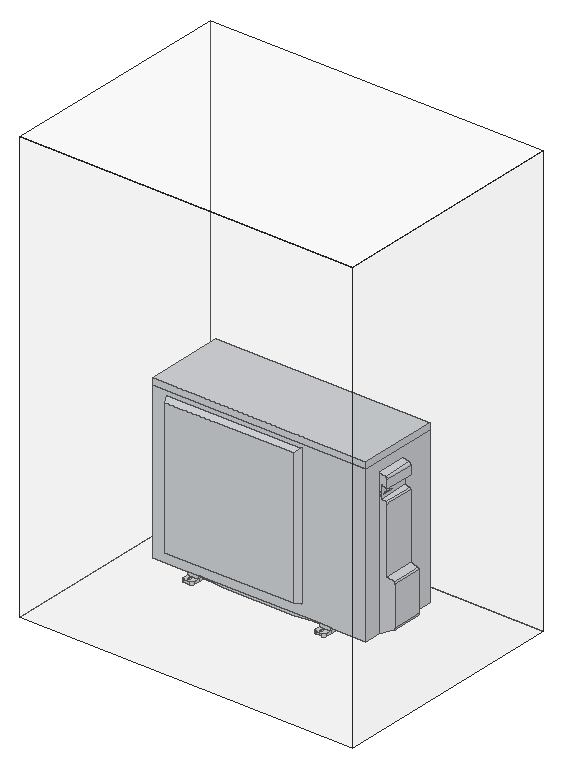
Revit family "puzg-mp2m_2_50hz", category 機械設備, Revit 2019
Family settings
  丸型コネクタ寸法 = 直径を使用
  パーツ タイプ = 標準
  OmniClass 番号 = 23.75.10.24.21.27.27
  OmniClass タイトル = Split System Air Conditioning Units
  作業面ベース = いいえ
  常に垂直 = はい
  ロード時にボイドで切り取り = いいえ
  共有 = いいえ
  部屋計算ポイント = いいえ
Parameters (values of type "室外機_PUG-MP2MKA2")
  音響パワーレベル（冷）(dB) = 65
  音響パワーレベル（暖）(dB) = 0
  電源種別 = ""
  電源位置Y = 61 mm
  電源位置Z = 497.7 mm
  電源位置X = 400 mm
  電圧 = 200 V
  電動機出力_送風機 = 0.04 kW
  電動機出力_圧縮機 = 1.1 kW
  集中コントローラ [instance] = ""
  運転質量 = 0.00 kg
  運転方法 = "冷房専用"
  質量 = if(製品質量 > 運転質量, 製品質量, 運転質量) * 1.2  # 46.80 kg
  負荷分類 = 1_熱源類
  説明 = "空冷H/P PAC インバータ室外機"
  設計暖房能力 [instance] = 0 kW
  設計冷房能力_顕熱 [instance] = 0 kW
  設計冷房能力 [instance] = 0 kW
  設置方法 = "床置形"
  記号 [instance] = ""
  製造元 = "三菱電機株式会社"
  製品質量 = 39.00 kg
  製品出荷対象 = "国内"
  製品リリース年月 = ""
  製品グループ = ""
  系統 [instance] = ""
  符号 = "PAC"
  積算_科目 = "1 空気調和設備"
  積算_拾い区分 [instance] = ""
  相 = 3
  盤記号 [instance] = ""
  発停方法 = "付属スイッチ"
  特殊仕様 [instance] = ""
  消費電力_暖房 = 0 kW
  消費電力_冷房 = 0 kW
  消費電力 = if(消費電力_冷房 > 消費電力_暖房, 消費電力_冷房, 消費電力_暖房)  # 0 kW
  法定耐用年数 = "6"
  構成品番 = "PUG-MP2MKA2"
  極数 = 3
  材質 [instance] = ""
  本体マテリアル = none
  最小電線太さ_mm2 = 1.6
  最大電流値 = 9 A
  暖房能力 = 0 kW
  推奨ブレーカー容量 = 15 A
  据付ピッチ1 = 0 mm
  形式 = "パッケージ形 室外機"
  形名 = PUZ-ZRMP-1 : PUZ-ZRMP-1
  幹線記号 [instance] = ""
  始動方式 = "インバータ始動方式"
  呼称 = "パッケージ形空気調和機_室外機"
  周波数 = 50 Hz
  価格 = 0
  ドレン　位置Z = 8.5 mm
  ドレン　位置Y = 48.5 mm
  ドレン　位置X = 404.5 mm
  アンカーボルト位置Y = 330 mm
  アンカーボルト位置X = 500 mm
  参照している仕様書等のバージョン = "公共建築物標準仕様書（機械設備工事編）平成31年度版"
  分類コード = "50053003126100"
  分類グループ = ""
  冷房能力 = 4.9 kW
  冷媒管（ガス）位置X = 420 mm
  冷媒管（液）位置X = 420 mm
  冷媒管（液）位置Y = 153.75 mm
  冷媒管（ガス）位置Y = 153.75 mm
  冷媒管長 [instance] = 0 mm
  冷媒管径符号 = "Ac"
  冷媒管径 = 60.00 mm
  冷媒管位置Z = 158.95 mm
  冷媒管位置Y = (冷媒管（液）位置Y + 冷媒管（ガス）位置Y) / 2  # 153.75 mm
  冷媒管位置X = (冷媒管（液）位置X + 冷媒管（ガス）位置X) / 2  # 420 mm
  冷媒液管径 = 6.35 mm
  冷媒ガス管径 = 12.70 mm
  企業コード = "108420"
  付属品 [instance] = ""
  仕様書バージョン = "Version1.0"
  ユニット数 = 1
  ユニット3 = yes
  ユニット2 = yes
  Model = ""
  ドレン管径 = 42.00 mm
  サービススペース = yes
  コメント [instance] = ""
  ケーブル種類1 = ""
  【値が 0 の項目は組合せ形名にてご確認ください】 = ""
  Width = 809 mm
  Version = ""
  Uniclass2015Version = "Systems v1.9"
  Uniclass2015Title = "Split coil remote air cooled condensing units"
  Uniclass2015Code = "Pr_70_65_03_84"
  URL = "https://www.mitsubishielectric.co.jp/ldg/wink/ssl/displayProduct.do?pid=311533&ccd=2020103123"
  SpecificationReference = ""
  SpecificationDescription = ""
  Revision = ""
  ProductInformation = ""
  OmniClassCode = "23-33 17 13 11"
  IfcTypeProduct = ""
  IfcProduct = ""
  IfcExportType = "AIRCONDITIONINGUNIT"
  IfcExportAs = "IfcUnitaryEquipmentType"
  Height = 630 mm
  Depth = 300 mm
  Clearance Top = 1000 mm
  Clearance Right = 350 mm
  Clearance Left = 100 mm
  Clearance Front = 500 mm
  Clearance Bottom = 0 mm
  Clearance Back = 100 mm
  COP = 0
  Author = "三菱電機株式会社"
  APF = 0
Reference planes
  plane 1 "中心(正面/背面)": y = 74
  plane 2: z = 0
  plane 3 "中心(左/右)": x = 830
  plane 4 "右": x = 1234.5
  plane 5 "左": x = 425.5
  plane 6 "背面": y = 224
  plane 7 "正面": y = -76
  plane 8 "上部": z = 630
  plane 9 "Clearanse Top": z = 1630
  plane 10 "SS_back": y = 324
  plane 11 "SS_front": y = -576
  plane 12 "SS_left": x = 325.5
  plane 13 "SS_right": x = 1584.5
  plane 14: z = 0
  plane 15: y = -15
  plane 16: x = 1230
  plane 17: z = 497.7
  plane 18: y = -13
  plane 19: y = 70.25
  plane 20: x = 1250
  plane 21: y = 175.5
  plane 22: x = 830
  plane 23: z = 10.5
  plane 24: z = 8.5
  plane 25: x = 580
  plane 26: x = 1080
  plane 27: y = 239
  plane 28: y = -91
Forms (mm)
  Extrusion 1, solid, detail levels fine
    sketch origin (0, -76, 0) x (1, 0, 0) y (0, 0, 1)
      loop
        circle (1230, 497.7) r 13.5
    from -63 to -61
  Extrusion 2, solid, detail levels fine
    sketch origin (-1437.329, -1524, 54) x (-1, 0, 0) y (0, -1, 0)
      loop
        circle (-2267.329, -1699.5) r 21
    from -45.5 to -43.5
  Sweep 3, solid, material <- "本体マテリアル", detail levels fine
    path origin (1250, 1296.25, 1200) x (0, 1, 0) y (0, 0, 1)
      loop
        line (-1226, -1041.05) -> (-1272.623, -1084.565)
    profile origin (1250, 46.939, 137.193) x (0, 0.682318, -0.731055) y (1, 0, 0)
      loop
        circle (0, 0) r 30
Lines and regions (mm)
  model lines, not visible
    curve 1: line (460, 178.667, 1289.179) -> (460, 297.73, 1289.179)
    curve 2: line (460, 178.667, 1056.056) -> (460, 178.667, 1289.179)
    curve 3: line (460, 297.73, 1056.056) -> (460, 178.667, 1056.056)
    curve 4: line (460, 297.73, 1289.179) -> (460, 297.73, 1056.056)
    curve 5: line (460, 47.598, 1289.179) -> (460, 166.661, 1289.179)
    curve 6: line (460, 47.598, 1056.056) -> (460, 47.598, 1289.179)
    curve 7: line (460, 166.661, 1056.056) -> (460, 47.598, 1056.056)
    curve 8: line (460, 166.661, 1289.179) -> (460, 166.661, 1056.056)
    curve 9: line (460, -83.471, 1289.179) -> (460, 35.592, 1289.179)
    curve 10: line (460, -83.471, 1056.056) -> (460, -83.471, 1289.179)
    curve 11: line (460, 35.592, 1056.056) -> (460, -83.471, 1056.056)
    curve 12: line (460, 35.592, 1289.179) -> (460, 35.592, 1056.056)
    curve 13: line (460, -150.779, 1289.179) -> (460, -95.75, 1289.179)
    curve 14: line (460, -150.779, 1056.056) -> (460, -150.779, 1289.179)
    curve 15: line (460, -95.75, 1056.056) -> (460, -150.779, 1056.056)
    curve 16: line (460, -95.75, 1289.179) -> (460, -95.75, 1056.056)
    curve 17: line (460, -150.779, 1283.175) -> (460, -132.596, 1283.175)
    curve 18: line (460, -150.779, 1062.059) -> (460, -150.779, 1283.175)
    curve 19: line (460, -132.596, 1062.059) -> (460, -150.779, 1062.059)
    curve 20: line (460, -132.596, 1283.175) -> (460, -132.596, 1062.059)
    curve 21: line (460, 178.667, 1046.051) -> (460, 297.73, 1046.051)
    curve 22: line (460, 178.667, 812.928) -> (460, 178.667, 1046.051)
    curve 23: line (460, 297.73, 812.928) -> (460, 178.667, 812.928)
    curve 24: line (460, 297.73, 1046.051) -> (460, 297.73, 812.928)
    curve 25: line (460, 47.598, 1046.051) -> (460, 166.661, 1046.051)
    curve 26: line (460, 47.598, 812.928) -> (460, 47.598, 1046.051)
    curve 27: line (460, 166.661, 812.928) -> (460, 47.598, 812.928)
    curve 28: line (460, 166.661, 1046.051) -> (460, 166.661, 812.928)
    curve 29: line (460, -83.471, 1046.051) -> (460, 35.592, 1046.051)
    curve 30: line (460, -83.471, 812.928) -> (460, -83.471, 1046.051)
    curve 31: line (460, 35.592, 812.928) -> (460, -83.471, 812.928)
    curve 32: line (460, 35.592, 1046.051) -> (460, 35.592, 812.928)
    curve 33: line (460, -150.779, 1046.051) -> (460, -95.75, 1046.051)
    curve 34: line (460, -150.779, 812.928) -> (460, -150.779, 1046.051)
    curve 35: line (460, -95.75, 812.928) -> (460, -150.779, 812.928)
    curve 36: line (460, -95.75, 1046.051) -> (460, -95.75, 812.928)
    curve 37: line (460, -150.779, 1040.048) -> (460, -132.596, 1040.048)
    curve 38: line (460, -150.779, 818.931) -> (460, -150.779, 1040.048)
    curve 39: line (460, -132.596, 818.931) -> (460, -150.779, 818.931)
    curve 40: line (460, -132.596, 1040.048) -> (460, -132.596, 818.931)
    curve 41: line (460, 178.667, 802.923) -> (460, 297.73, 802.923)
    curve 42: line (460, 178.667, 569.8) -> (460, 178.667, 802.923)
    curve 43: line (460, 297.73, 569.8) -> (460, 178.667, 569.8)
    curve 44: line (460, 297.73, 802.923) -> (460, 297.73, 569.8)
    curve 45: line (460, 47.598, 802.923) -> (460, 166.661, 802.923)
    curve 46: line (460, 47.598, 569.8) -> (460, 47.598, 802.923)
    curve 47: line (460, 166.661, 569.8) -> (460, 47.598, 569.8)
    curve 48: line (460, 166.661, 802.923) -> (460, 166.661, 569.8)
    curve 49: line (460, -83.471, 802.923) -> (460, 35.592, 802.923)
    curve 50: line (460, -83.471, 569.8) -> (460, -83.471, 802.923)
    curve 51: line (460, 35.592, 569.8) -> (460, -83.471, 569.8)
    curve 52: line (460, 35.592, 802.923) -> (460, 35.592, 569.8)
    curve 53: line (460, -150.779, 802.923) -> (460, -95.75, 802.923)
    curve 54: line (460, -150.779, 569.8) -> (460, -150.779, 802.923)
    curve 55: line (460, -95.75, 569.8) -> (460, -150.779, 569.8)
    curve 56: line (460, -95.75, 802.923) -> (460, -95.75, 569.8)
    curve 57: line (460, -150.779, 796.92) -> (460, -132.596, 796.92)
    curve 58: line (460, -150.779, 575.803) -> (460, -150.779, 796.92)
    curve 59: line (460, -132.596, 575.803) -> (460, -150.779, 575.803)
    curve 60: line (460, -132.596, 796.92) -> (460, -132.596, 575.803)
    curve 61: line (460, 178.667, 559.795) -> (460, 297.73, 559.795)
    curve 62: line (460, 178.667, 326.672) -> (460, 178.667, 559.795)
    curve 63: line (460, 297.73, 326.672) -> (460, 178.667, 326.672)
    curve 64: line (460, 297.73, 559.795) -> (460, 297.73, 326.672)
    curve 65: line (460, 47.598, 559.795) -> (460, 166.661, 559.795)
    curve 66: line (460, 47.598, 326.672) -> (460, 47.598, 559.795)
    curve 67: line (460, 166.661, 326.672) -> (460, 47.598, 326.672)
    curve 68: line (460, 166.661, 559.795) -> (460, 166.661, 326.672)
    curve 69: line (460, -83.471, 559.795) -> (460, 35.592, 559.795)
    curve 70: line (460, -83.471, 326.672) -> (460, -83.471, 559.795)
    curve 71: line (460, 35.592, 326.672) -> (460, -83.471, 326.672)
    curve 72: line (460, 35.592, 559.795) -> (460, 35.592, 326.672)
    curve 73: line (460, -150.779, 559.795) -> (460, -95.75, 559.795)
    curve 74: line (460, -150.779, 326.672) -> (460, -150.779, 559.795)
    curve 75: line (460, -95.75, 326.672) -> (460, -150.779, 326.672)
    curve 76: line (460, -95.75, 559.795) -> (460, -95.75, 326.672)
    curve 77: line (460, -150.779, 553.792) -> (460, -132.596, 553.792)
    curve 78: line (460, -150.779, 332.675) -> (460, -150.779, 553.792)
    curve 79: line (460, -132.596, 332.675) -> (460, -150.779, 332.675)
    curve 80: line (460, -132.596, 553.792) -> (460, -132.596, 332.675)
    curve 81: line (460, 178.667, 316.667) -> (460, 297.73, 316.667)
    curve 82: line (460, 178.667, 83.544) -> (460, 178.667, 316.667)
    curve 83: line (460, 297.73, 83.544) -> (460, 178.667, 83.544)
    curve 84: line (460, 297.73, 316.667) -> (460, 297.73, 83.544)
    curve 85: line (460, 47.598, 316.667) -> (460, 166.661, 316.667)
    curve 86: line (460, 47.598, 83.544) -> (460, 47.598, 316.667)
    curve 87: line (460, 166.661, 83.544) -> (460, 47.598, 83.544)
    curve 88: line (460, 166.661, 316.667) -> (460, 166.661, 83.544)
    curve 89: line (460, -83.471, 316.667) -> (460, 35.592, 316.667)
    curve 90: line (460, -83.471, 83.544) -> (460, -83.471, 316.667)
    curve 91: line (460, 35.592, 83.544) -> (460, -83.471, 83.544)
    curve 92: line (460, 35.592, 316.667) -> (460, 35.592, 83.544)
    curve 93: line (460, -150.779, 316.667) -> (460, -95.75, 316.667)
    curve 94: line (460, -150.779, 83.544) -> (460, -150.779, 316.667)
    curve 95: line (460, -95.75, 83.544) -> (460, -150.779, 83.544)
    curve 96: line (460, -95.75, 316.667) -> (460, -95.75, 83.544)
    curve 97: line (460, -150.779, 310.664) -> (460, -132.596, 310.664)
    curve 98: line (460, -150.779, 89.547) -> (460, -150.779, 310.664)
    curve 99: line (460, -132.596, 89.547) -> (460, -150.779, 89.547)
    curve 100: line (460, -132.596, 310.664) -> (460, -132.596, 89.547)
Dimensions and locks
  equal spacing: plane 7 "正面", plane 1 "中心(正面/背面)", plane 6 "背面"
  "Depth": plane 7 "正面" to plane 6 "背面"
  "Width": plane 5 "左" to plane 4 "右"
  equal spacing: plane 5 "左", plane 3 "中心(左/右)", plane 4 "右"
  "Clearance Left": plane 12 "SS_left" to plane 5 "左"
  "Clearance Right": plane 4 "右" to plane 13 "SS_right"
  "Clearance Back": plane 6 "背面" to plane 10 "SS_back"
  "Clearance Front": plane 11 "SS_front" to plane 7 "正面"
  "Height": plane 8 "上部" to level
  "Clearance Top": plane 9 "Clearanse Top" to plane 8 "上部"
  "Clearance Bottom": level to plane 14
  "電源位置X": plane 3 "中心(左/右)" to plane 16
  "電源位置Y": plane 7 "正面" to plane 15
  "電源位置Z": plane 17 to level
  locked: plane 15 to plane 18 at 2
  "冷媒管位置X": plane 3 "中心(左/右)" to plane 20
  "冷媒管位置Y": plane 19 to plane 6 "背面"
  "ドレン　位置X": plane 5 "左" to plane 22
  "ドレン　位置Y": plane 21 to plane 6 "背面"
  locked: plane 23 to plane 24 at 2
  "ドレン　位置Z": plane 24 to level
  equal spacing: plane 28, plane 1 "中心(正面/背面)", plane 27
  "アンカーボルト位置Y": plane 28 to plane 27
  equal spacing: plane 25, plane 3 "中心(左/右)", plane 26
  "アンカーボルト位置X": plane 25 to plane 26
  radius of Extrusion 1 sketch curve = 13.5 mm
  "ドレン管径": diameter of Extrusion 2 sketch curve
  "冷媒管径": diameter of Sweep 3 sketch curve
  aligned and locked: level to plane 2
  aligned and locked: plane 10 "SS_back" to nested 1  (x2)
  aligned and locked: plane 13 "SS_right" to nested 1
  aligned and locked: plane 12 "SS_left" to nested 1  (x2)
  aligned and locked: nested 1 to plane 13 "SS_right"
  aligned and locked: plane 11 "SS_front" to nested 1
  aligned and locked: plane 9 "Clearanse Top" to nested 1
  aligned and locked: plane 1 "中心(正面/背面)" to nested 2
  aligned and locked: plane 3 "中心(左/右)" to nested 2
  aligned and locked: plane 14 to nested 1
  aligned and locked: plane 17 to Extrusion 1 sketch curve
  aligned and locked: plane 16 to Extrusion 1 sketch curve
  aligned and locked: Extrusion 1 to plane 18
  aligned and locked: plane 15 to Extrusion 1
  aligned and locked: plane 22 to Extrusion 2 sketch curve
  aligned and locked: plane 21 to Extrusion 2 sketch curve
  aligned and locked: plane 23 to Extrusion 2
  aligned and locked: Extrusion 2 to plane 24
  aligned and locked: plane 25 to nested 3
  aligned and locked: plane 27 to nested 3
Automatic sketch dimensions
  Sweep 3 sketch curve to plane 18 = 36.627 mm
  plane 1 "中心(正面/背面)" to Sweep 3 sketch curve = 3.75 mm
  plane 23 to Sweep 3 sketch curve = 104.935 mm
  Sweep 3 sketch curve to Sweep 3 sketch curve = 43.515 mm
  Sweep 3 sketch curve to plane 20 = 0 mm
  Sweep 3 sketch curve to profile plane = 0 mm
Nested families
  nested 1: "サービススペース" at (955, -126, 815), visible <- "サービススペース", type "サービススペース"
    with Width 1259 mm, Height 1630 mm, Depth 900 mm
  nested 2: "PUZ-ZRMP-1" at (830, 74, 0), type <- "形名", type "PUZ-ZRMP-1"
  nested 3: "固定点" at (580, -91, 0), type "固定点"
    with 中心円 10 mm, W 500 mm, D 330 mm
Connectors
  electrical at (1230, -15, 497.7), driven by "極数", driven by "負荷分類", driven by "電圧", driven by "消費電力"
    settings: on Extrusion 1, index 2, voltage 200 V, apparent load 0 VA, apparent load phase1 0 VA, apparent load phase2 0 VA, apparent load phase3 0 VA, power factor 1, load classification "1_熱源類", number of poles 3, system type 30, power factor state 1, is connector primary yes, connector utility no, sub classification motor no, connector description ""
  piping at (1250, 70.25, 158.95), diameter 60, driven by "冷媒管径", driven by "冷媒管径符号"
    settings: on Sweep 3, index 3, connector inside diameter 609.60 mm, connector length 0 mm, flow factor 0, pipe flow 0.0 L/s, pressure drop 0.0 Pa, fitting loss kfactor 0, connector angle 0.00°, fixture units 0, engagement length 0 mm, angle of deflection 0.00°, flow configuration 1, flow direction 2, fitting loss method 4, system type 7, joint type 0, gender type 0, connector reference index -1, connector utility 0, adjustable connector no, is connector primary yes, connector description "Ac"
Definition of nested family "サービススペース"
  Parameters (values of type "サービススペース")
    Width [instance] = 500 mm
    Height [instance] = 500 mm
    Depth [instance] = 500 mm
  Reference planes
    plane 1 "中心(正面/背面)": y = 0
    plane 2: z = 0
    plane 3 "中心(左/右)": x = 0
    plane 4: y = -250
    plane 5: x = 250
    plane 6: y = 250
    plane 7: x = -250
    plane 8: z = 250
    plane 9: z = -250
  Forms (mm)
    Extrusion 1, solid
      sketch origin (-638.939, 0, 72.39) x (1, 0, 0) y (0, 1, 0)
        loop
          line (388.939, 250) -> (388.939, -250) -> (888.939, -250) -> (888.939, 250) -> (388.939, 250)
      from -322.39 to 177.61
  Lines and regions (mm)
    symbolic lines
      curve 1: line (-250, 0, 250) -> (250, 0, 250)
      curve 2: line (-250, 0, -250) -> (-250, 0, 250)
      curve 3: line (250, 0, -250) -> (-250, 0, -250)
      curve 4: line (250, 0, 250) -> (250, 0, -250)
      curve 5: line (0, -250, 250) -> (0, 250, 250)
      curve 6: line (0, -250, -250) -> (0, -250, 250)
      curve 7: line (0, 250, -250) -> (0, -250, -250)
      curve 8: line (0, 250, 250) -> (0, 250, -250)
      curve 9: line (-250, 250, 0) -> (250, 250, 0)
      curve 10: line (-250, -250, 0) -> (-250, 250, 0)
      curve 11: line (250, -250, 0) -> (-250, -250, 0)
      curve 12: line (250, 250, 0) -> (250, -250, 0)
  Dimensions and locks
    equal spacing: plane 7, plane 3 "中心(左/右)", plane 5
    equal spacing: plane 4, plane 1 "中心(正面/背面)", plane 6
    "Depth": plane 4 to plane 6
    "Width": plane 7 to plane 5
    equal spacing: plane 8, plane 2, plane 9
    "Height": plane 8 to plane 9
    aligned and locked: plane 9 to curve 3
    aligned and locked: plane 7 to curve 2
    aligned and locked: curve 4 to plane 5
    aligned and locked: plane 5 to Extrusion 1
    aligned and locked: Extrusion 1 to plane 7
    aligned and locked: Extrusion 1 to plane 9
    aligned and locked: plane 8 to Extrusion 1
    aligned and locked: plane 9 to curve 7
  Automatic sketch dimensions
    plane 4 to Extrusion 1 sketch curve = 0 mm
    Extrusion 1 sketch curve to plane 7 = 0 mm
    Extrusion 1 sketch curve to plane 5 = 0 mm
    plane 6 to Extrusion 1 sketch curve = 0 mm
    curve 2 to plane 8 = 0 mm
    plane 4 to curve 11 = 0 mm
    curve 11 to plane 7 = 0 mm
    curve 11 to plane 5 = 0 mm
    plane 6 to curve 10 = 0 mm
    curve 7 to plane 4 = 0 mm
    curve 7 to plane 6 = 0 mm
    curve 6 to plane 8 = 0 mm
Definition of nested family "PUZ-ZRMP-1"
  Parameters (values of type "PUZ-ZRMP-1")
    配線取出口サイズ = 27 mm
    配線取出口-Z = 497.7 mm
    配線取出口-Y = 239 mm
    配線取出口-X = 400 mm
    液配管サイズ = 50 mm
    高さ = 630 mm
    換気-W = 310 mm
    換気-H2 = 632 mm
    換気-H1 = 325 mm
    換気-D = 23.2 mm
    奥行き = 300 mm
    吊りボルト_H = 0 mm
    吊りボルト-φ = 10 mm
    冷媒配管サイズ = 6.35 mm
    冷媒液管径-Z = 164.5 mm
    冷媒液管径-Y = 185.5 mm
    冷媒液管径-X = 420 mm
    冷媒ガス管径-Z = 99.5 mm
    冷媒ガス管径-Y = 185.5 mm
    冷媒ガス管径-X = 420 mm
    吊りボルト-W = 500 mm
    マテリアル = none
    ドレン配管サイズ = 42 mm
    ドレン管径-Z = 0 mm
    ドレン管径-Y = 251.5 mm
    ドレン管径-X = 404.5 mm
    タイプ3 = no
    タイプ2 = no
    タイプ1 = yes
    ガス配管サイズ = 12.7 mm
    吊りボルト-D = 330 mm
    幅さ = 809 mm
    a = 600 mm
  Reference planes
    plane 1 "中心(正面/背面)": y = 0
    plane 2: z = 0
    plane 3 "中心(左/右)": x = 0
    plane 4: z = 630
    plane 5: x = -404.5
    plane 6: x = 404.5
    plane 7: y = 150
    plane 8: y = -150
    plane 9: x = 466.5
    plane 10: y = -90
    plane 11: y = 20
    plane 12: z = 605
    plane 13: x = -424.5
    plane 14: x = -250
    plane 15: x = 250
    plane 16: y = 165
    plane 17: y = -165
    plane 18: x = 270
    plane 19: x = 230
    plane 20: x = -230
    plane 21: x = -270
    plane 22: y = 180
    plane 23: y = -180
    plane 24: z = 8.5
    plane 25: z = 20
    plane 26: z = 11.5
    plane 27: x = -135
    plane 28: x = 135
    plane 29: z = 625
    plane 30: y = -40
    plane 31: y = 40
    plane 32: y = -30
    plane 33: y = 30
    plane 34: z = 610
    plane 35: z = 55
    plane 36: z = 225
    plane 37: z = 570
    plane 38: x = 414.5
    plane 39: x = 435.5
    plane 40: y = -173.2
    plane 41: x = -94.5
    plane 42: z = 325
    plane 43: x = 159.5
    plane 44: x = -348.5
    plane 45: z = 589
    plane 46: z = 61
    plane 47: x = -338.5
    plane 48: x = 149.5
    plane 49: z = 579
    plane 50: z = 71
    plane 51: y = 100
    plane 52: y = -100
    plane 53: x = 0
    plane 54: y = 101.5
    plane 55: x = 420
    plane 56: x = 400
    plane 57: y = -89
    plane 58: y = -35.5
    plane 59: y = -35.5
    plane 60: x = 420
    plane 61: z = 99.5
    plane 62: z = 164.5
    plane 63: z = 497.7
    plane 64: y = -39
    plane 65: z = 137.3
    plane 66: z = 180.6
    plane 67: x = 420
    plane 68: y = -35.5
    plane 69 "グループ": x = -600
    plane 70: z = 1338
    plane 71: z = 943
    plane 72: z = 957
    plane 73: z = 1221
    plane 74: z = 693
    plane 75: z = 1211
    plane 76: z = 703
    plane 77: y = -12.5
    plane 78: y = 5
    plane 79: y = -3.75
  Forms (mm)
    Extrusion 1, solid, visible <- "タイプ1", detail levels fine
      sketch origin (-1437.329, -1524, 630) x (-1, 0, 0) y (0, -1, 0)
        loop
          line (-1167.329, -1674) -> (-1167.329, -1374) -> (-1207.329, -1374) -> (-1207.329, -1674) -> (-1167.329, -1674)
        loop
          line (-1667.329, -1674) -> (-1667.329, -1374) -> (-1707.329, -1374) -> (-1707.329, -1674) -> (-1667.329, -1674)
      from -630 to -610
    Extrusion 2, solid, material <- "マテリアル", visible <- "タイプ1", detail levels fine
      sketch origin (0, 0, 0) x (1, 0, 0) y (0, 0, 1)
        loop
          line (-230, 20) -> (-135, 11.5) -> (135, 11.5) -> (230, 20) -> (-230, 20)
      from -150 to 150
    Extrusion 3, solid, material <- "マテリアル", visible <- "タイプ1", detail levels fine
      sketch origin (-1437.329, -1524, 630) x (-1, 0, 0) y (0, -1, 0)
        loop
          circle (-1437.329, -1625.5) r 21
      from -621.5 to -618.5
    Extrusion 4, solid, material <- "マテリアル", visible <- "タイプ1", detail levels fine
      sketch origin (-1437.329, -1524, 630) x (-1, 0, 0) y (0, -1, 0)
        loop
          line (-1841.829, -1674) -> (-1032.829, -1674) -> (-1032.829, -1374) -> (-1841.829, -1374) -> (-1841.829, -1674)
      from -610 to -25
    Extrusion 5, solid, material <- "マテリアル", visible <- "タイプ1", detail levels fine
      sketch origin (-1437.329, -1524, 630) x (-1, 0, 0) y (0, -1, 0)
        loop
          line (-1032.829, -1674) -> (-1032.829, -1374) -> (-1841.829, -1374) -> (-1841.829, -1674) -> (-1032.829, -1674)
      from -25 to 0
    Blend 6, solid, material <- "マテリアル", visible <- "タイプ1", detail levels fine
      base sketch origin (0, 0, 0) x (0, 1, 0) y (0, 0, 1)
        loop
          line (40, 625) -> (-40, 625) -> (-40, 605) -> (40, 605) -> (40, 625)
      top sketch origin (0, 0, 0) x (0, 1, 0) y (0, 0, 1)
        loop
          line (30, 610) -> (-30, 610) -> (-30, 605) -> (30, 605) -> (30, 610)
      from -404.5 to -424.5
    Extrusion 7, solid, material <- "マテリアル", visible <- "タイプ1", detail levels fine
      sketch origin (0, 0, 0) x (1, 0, 0) y (0, 0, 1)
        loop
          line (404.5, 570) -> (404.5, 20) -> (461.416, 52.13)
          arc (461.416, 52.13) -> (465.136, 55.796) -> (466.5, 60.838) r 10
          line (466.5, 60.838) -> (466.5, 210.216)
          arc (466.5, 210.216) -> (465.596, 213.084) -> (463.21, 214.914) r 5
          line (463.21, 214.914) -> (435.5, 225) -> (435.5, 470.082)
          arc (435.5, 470.082) -> (434.596, 472.95) -> (432.21, 474.78) r 5
          line (432.21, 474.78) -> (414.5, 481.226) -> (414.5, 529.114) -> (435.5, 521.471) -> (435.5, 551.715)
          arc (435.5, 551.715) -> (433.692, 557.451) -> (428.92, 561.112) r 10
          line (428.92, 561.112) -> (404.5, 570)
      from -20 to 90
    Blend 8, solid, material <- "マテリアル", visible <- "タイプ1", detail levels fine
      base sketch origin (0, 0, 0) x (1, 0, 0) y (0, 0, 1)
        loop
          line (-348.5, 589) -> (-348.5, 61) -> (159.5, 61) -> (159.5, 589) -> (-348.5, 589)
      top sketch origin (0, 0, 0) x (1, 0, 0) y (0, 0, 1)
        loop
          line (-338.5, 579) -> (-338.5, 71) -> (149.5, 71) -> (149.5, 579) -> (-338.5, 579)
      from 150 to 173.2
    Extrusion 9, solid, material <- "マテリアル", visible <- "タイプ1", detail levels fine
      sketch origin (1480.036, -173.2, 1200) x (1, 0, 0) y (0, 0, 1)
        loop
          circle (-1080.036, -702.3) r 13.5
      from -134.2 to -84.2
    Extrusion 10, solid, visible <- "タイプ1", detail levels fine
      sketch origin (-1437.329, -1524, 630) x (-1, 0, 0) y (0, -1, 0)
        loop
          line (-1167.329, -1704) -> (-1167.329, -1674) -> (-1207.329, -1674) -> (-1207.329, -1704) -> (-1192.329, -1704) -> (-1192.329, -1689)
          arc (-1192.329, -1689) -> (-1187.329, -1684) -> (-1182.329, -1689) r 5
          line (-1182.329, -1689) -> (-1182.329, -1704) -> (-1167.329, -1704)
        loop
          line (-1667.329, -1704) -> (-1667.329, -1674) -> (-1707.329, -1674) -> (-1707.329, -1704) -> (-1692.329, -1704) -> (-1692.329, -1689)
          arc (-1692.329, -1689) -> (-1687.329, -1684) -> (-1682.329, -1689) r 5
          line (-1682.329, -1689) -> (-1682.329, -1704) -> (-1667.329, -1704)
        loop
          line (-1667.329, -1374) -> (-1667.329, -1354)
          arc (-1667.329, -1354) -> (-1670.258, -1346.929) -> (-1677.329, -1344) r 10
          line (-1677.329, -1344) -> (-1697.329, -1344)
          arc (-1697.329, -1344) -> (-1704.4, -1346.929) -> (-1707.329, -1354) r 10
          line (-1707.329, -1354) -> (-1707.329, -1374) -> (-1667.329, -1374)
        loop
          line (-1167.329, -1374) -> (-1167.329, -1354)
          arc (-1167.329, -1354) -> (-1170.258, -1346.929) -> (-1177.329, -1344) r 10
          line (-1177.329, -1344) -> (-1197.329, -1344)
          arc (-1197.329, -1344) -> (-1204.4, -1346.929) -> (-1207.329, -1354) r 10
          line (-1207.329, -1354) -> (-1207.329, -1374) -> (-1167.329, -1374)
        loop
          arc (-1192.329, -1359) -> (-1187.329, -1364) -> (-1182.329, -1359) r 5
          line (-1182.329, -1359) -> (-1182.329, -1354)
          arc (-1182.329, -1354) -> (-1187.329, -1349) -> (-1192.329, -1354) r 5
          line (-1192.329, -1354) -> (-1192.329, -1359)
        loop
          arc (-1692.329, -1359) -> (-1687.329, -1364) -> (-1682.329, -1359) r 5
          line (-1682.329, -1359) -> (-1682.329, -1354)
          arc (-1682.329, -1354) -> (-1687.329, -1349) -> (-1692.329, -1354) r 5
          line (-1692.329, -1354) -> (-1692.329, -1359)
      from -621.5 to -630
    Sweep 11, solid, material <- "マテリアル", visible <- "タイプ1", detail levels fine
      path origin (420, 1296.25, 1200) x (0, 1, 0) y (0, 0, 1)
        loop
          line (-1331.75, -1035.5) -> (-1308.75, -1019.4)
      profile origin (420, -24, 172.55) x (0, -0.573462, 0.819232) y (1, 0, 0)
        loop
          circle (0, 0) r 3.175
    Sweep 12, solid, material <- "マテリアル", visible <- "タイプ1", detail levels fine
      path origin (420, 1296.25, 1200) x (0, 1, 0) y (0, 0, 1)
        loop
          line (-1331.75, -1100.5) -> (-1291.25, -1062.7)
      profile origin (420, -15.25, 118.4) x (0, -0.682318, 0.731055) y (1, 0, 0)
        loop
          circle (0, 0) r 6.35
  Lines and regions (mm)
    Masking region 1, visible <- "タイプ1", detail levels coarse+medium
      outline origin (-1437.329, -1524, 630) x (-1, 0, 0) y (0, -1, 0)
        loop
          line (-1841.829, -1674) -> (-1707.329, -1674) -> (-1707.329, -1704) -> (-1667.329, -1704) -> (-1667.329, -1674) -> (-1207.329, -1674) -> (-1207.329, -1704) -> (-1167.329, -1704) -> (-1167.329, -1674) -> (-1032.829, -1674) -> (-1032.829, -1564) -> (-1012.829, -1554) -> (-1012.829, -1494) -> (-1032.829, -1484) -> (-1032.829, -1374) -> (-1088.829, -1374) -> (-1098.829, -1350.8) -> (-1167.855, -1350.8)
          arc (-1167.855, -1350.8) -> (-1171.498, -1345.876) -> (-1177.329, -1344) r 10
          line (-1177.329, -1344) -> (-1197.329, -1344)
          arc (-1197.329, -1344) -> (-1203.16, -1345.876) -> (-1206.804, -1350.8) r 10
          line (-1206.804, -1350.8) -> (-1586.829, -1350.8) -> (-1596.829, -1374) -> (-1667.329, -1374) -> (-1667.329, -1354)
          arc (-1667.329, -1354) -> (-1670.258, -1346.929) -> (-1677.329, -1344) r 10
          line (-1677.329, -1344) -> (-1697.329, -1344)
          arc (-1697.329, -1344) -> (-1704.4, -1346.929) -> (-1707.329, -1354) r 10
          line (-1707.329, -1354) -> (-1707.329, -1374) -> (-1841.829, -1374) -> (-1841.829, -1434) -> (-1903.829, -1434) -> (-1903.829, -1544) -> (-1841.829, -1544) -> (-1841.829, -1674)
    model lines, visible <- "タイプ1", detail levels fine
      curve 1: line (324.5, 100, 630) -> (-324.5, 100, 630)
      curve 2: line (-324.5, -100, 630) -> (324.5, -100, 630)
      curve 3: line (-324.5, -40, 630) -> (324.5, -40, 630)
      curve 4: line (324.5, 40, 630) -> (-324.5, 40, 630)
      curve 5: line (-324.5, -30, 630) -> (324.5, -30, 630)
      curve 6: line (324.5, 30, 630) -> (-324.5, 30, 630)
      curve 7: line (-324.5, 100, 630) -> (-324.5, 40, 630)
      curve 8: line (324.5, -100, 630) -> (324.5, -40, 630)
      curve 9: line (-324.5, 30, 630) -> (-324.5, -30, 630)
      curve 10: line (-324.5, -40, 630) -> (-324.5, -100, 630)
      curve 11: line (324.5, -30, 630) -> (324.5, 30, 630)
      curve 12: line (324.5, 40, 630) -> (324.5, 100, 630)
      curve 13: line (354.5, -100, 630) -> (354.5, 100, 630)
      curve 14: line (339.5, -100, 630) -> (339.5, 100, 630)
      curve 15: line (-354.5, 100, 630) -> (-354.5, -100, 630)
      curve 16: line (-339.5, 100, 630) -> (-339.5, -100, 630)
      curve 17: line (-339.5, 100, 630) -> (-354.5, 100, 630)
      curve 18: line (-339.5, -100, 630) -> (-354.5, -100, 630)
      curve 19: line (339.5, 100, 630) -> (354.5, 100, 630)
      curve 20: line (339.5, -100, 630) -> (354.5, -100, 630)
      curve 21: line (-338.5, -173.2, 372.5) -> (149.5, -173.2, 372.5)
      curve 22: line (149.5, -173.2, 277.5) -> (-338.5, -173.2, 277.5)
      curve 23: line (-338.5, -173.2, 467.5) -> (149.5, -173.2, 467.5)
      curve 24: line (-338.5, -173.2, 562.5) -> (149.5, -173.2, 562.5)
      curve 25: line (149.5, -173.2, 182.5) -> (-338.5, -173.2, 182.5)
      curve 26: line (149.5, -173.2, 87.5) -> (-338.5, -173.2, 87.5)
      curve 27: line (-321.071, -173.2, 579) -> (-321.071, -173.2, 71)
      curve 28: line (132.071, -173.2, 71) -> (132.071, -173.2, 579)
      curve 29: line (-303.643, -173.2, 579) -> (-303.643, -173.2, 71)
      curve 30: line (-286.214, -173.2, 579) -> (-286.214, -173.2, 71)
      curve 31: line (-268.786, -173.2, 579) -> (-268.786, -173.2, 71)
      curve 32: line (-251.357, -173.2, 579) -> (-251.357, -173.2, 71)
      curve 33: line (-233.929, -173.2, 579) -> (-233.929, -173.2, 71)
      curve 34: line (-216.5, -173.2, 579) -> (-216.5, -173.2, 71)
      curve 35: line (-199.071, -173.2, 579) -> (-199.071, -173.2, 71)
      curve 36: line (-181.643, -173.2, 579) -> (-181.643, -173.2, 71)
      curve 37: line (-164.214, -173.2, 579) -> (-164.214, -173.2, 71)
      curve 38: line (-146.786, -173.2, 579) -> (-146.786, -173.2, 71)
      curve 39: line (-129.357, -173.2, 579) -> (-129.357, -173.2, 71)
      curve 40: line (-111.929, -173.2, 579) -> (-111.929, -173.2, 71)
      curve 41: line (-94.5, -173.2, 579) -> (-94.5, -173.2, 71)
      curve 42: line (-77.071, -173.2, 579) -> (-77.071, -173.2, 71)
      curve 43: line (-59.643, -173.2, 579) -> (-59.643, -173.2, 71)
      curve 44: line (-42.214, -173.2, 579) -> (-42.214, -173.2, 71)
      curve 45: line (-24.786, -173.2, 579) -> (-24.786, -173.2, 71)
      curve 46: line (-7.357, -173.2, 579) -> (-7.357, -173.2, 71)
      curve 47: line (10.071, -173.2, 579) -> (10.071, -173.2, 71)
      curve 48: line (27.5, -173.2, 579) -> (27.5, -173.2, 71)
      curve 49: line (44.929, -173.2, 579) -> (44.929, -173.2, 71)
      curve 50: line (62.357, -173.2, 579) -> (62.357, -173.2, 71)
      curve 51: line (79.786, -173.2, 579) -> (79.786, -173.2, 71)
      curve 52: line (97.214, -173.2, 579) -> (97.214, -173.2, 71)
      curve 53: line (114.643, -173.2, 579) -> (114.643, -173.2, 71)
      curve 54: line (-404.5, -10, 574) -> (-404.5, -10, 584)
      curve 55: line (-404.5, -100, 584) -> (-404.5, -100, 574)
      curve 56: line (-404.5, 100, 584) -> (-404.5, 100, 574)
      curve 57: line (-404.5, 10, 584) -> (-404.5, 10, 574)
      curve 58: line (-404.5, 95, 589) -> (-404.5, 15, 589)
      curve 59: line (-404.5, -15, 589) -> (-404.5, -95, 589)
      curve 60: line (-404.5, -15, 569) -> (-404.5, -95, 569)
      curve 61: line (-404.5, 95, 569) -> (-404.5, 15, 569)
      curve 62: arc (-404.5, 100, 584) -> (-404.5, 98.536, 587.536) -> (-404.5, 95, 589) r 5
      curve 63: arc (-404.5, 95, 569) -> (-404.5, 98.536, 570.464) -> (-404.5, 100, 574) r 5
      curve 64: arc (-404.5, 10, 584) -> (-404.5, 11.464, 587.536) -> (-404.5, 15, 589) r 5
      curve 65: arc (-404.5, 10, 574) -> (-404.5, 11.464, 570.464) -> (-404.5, 15, 569) r 5
      curve 66: arc (-404.5, -10, 584) -> (-404.5, -11.464, 587.536) -> (-404.5, -15, 589) r 5
      curve 67: arc (-404.5, -15, 569) -> (-404.5, -11.464, 570.464) -> (-404.5, -10, 574) r 5
      curve 68: arc (-404.5, -95, 589) -> (-404.5, -98.536, 587.536) -> (-404.5, -100, 584) r 5
      curve 69: arc (-404.5, -100, 574) -> (-404.5, -98.536, 570.464) -> (-404.5, -95, 569) r 5
      curve 70: line (-404.5, -10, 544) -> (-404.5, -10, 554)
      curve 71: line (-404.5, -100, 554) -> (-404.5, -100, 544)
      curve 72: line (-404.5, 100, 554) -> (-404.5, 100, 544)
      curve 73: line (-404.5, 10, 554) -> (-404.5, 10, 544)
      curve 74: line (-404.5, 95, 559) -> (-404.5, 15, 559)
      curve 75: line (-404.5, -15, 559) -> (-404.5, -95, 559)
      curve 76: line (-404.5, -15, 539) -> (-404.5, -95, 539)
      curve 77: line (-404.5, 95, 539) -> (-404.5, 15, 539)
      curve 78: arc (-404.5, 100, 554) -> (-404.5, 98.536, 557.536) -> (-404.5, 95, 559) r 5
      curve 79: arc (-404.5, 95, 539) -> (-404.5, 98.536, 540.464) -> (-404.5, 100, 544) r 5
      curve 80: arc (-404.5, 10, 554) -> (-404.5, 11.464, 557.536) -> (-404.5, 15, 559) r 5
      curve 81: arc (-404.5, 10, 544) -> (-404.5, 11.464, 540.464) -> (-404.5, 15, 539) r 5
      curve 82: arc (-404.5, -10, 554) -> (-404.5, -11.464, 557.536) -> (-404.5, -15, 559) r 5
      curve 83: arc (-404.5, -15, 539) -> (-404.5, -11.464, 540.464) -> (-404.5, -10, 544) r 5
      curve 84: arc (-404.5, -95, 559) -> (-404.5, -98.536, 557.536) -> (-404.5, -100, 554) r 5
      curve 85: arc (-404.5, -100, 544) -> (-404.5, -98.536, 540.464) -> (-404.5, -95, 539) r 5
      curve 86: line (-404.5, -10, 514) -> (-404.5, -10, 524)
      curve 87: line (-404.5, -100, 524) -> (-404.5, -100, 514)
      curve 88: line (-404.5, 100, 524) -> (-404.5, 100, 514)
      curve 89: line (-404.5, 10, 524) -> (-404.5, 10, 514)
      curve 90: line (-404.5, 95, 529) -> (-404.5, 15, 529)
      curve 91: line (-404.5, -15, 529) -> (-404.5, -95, 529)
      curve 92: line (-404.5, -15, 509) -> (-404.5, -95, 509)
      curve 93: line (-404.5, 95, 509) -> (-404.5, 15, 509)
      curve 94: arc (-404.5, 100, 524) -> (-404.5, 98.536, 527.536) -> (-404.5, 95, 529) r 5
      curve 95: arc (-404.5, 95, 509) -> (-404.5, 98.536, 510.464) -> (-404.5, 100, 514) r 5
      curve 96: arc (-404.5, 10, 524) -> (-404.5, 11.464, 527.536) -> (-404.5, 15, 529) r 5
      curve 97: arc (-404.5, 10, 514) -> (-404.5, 11.464, 510.464) -> (-404.5, 15, 509) r 5
      curve 98: arc (-404.5, -10, 524) -> (-404.5, -11.464, 527.536) -> (-404.5, -15, 529) r 5
      curve 99: arc (-404.5, -15, 509) -> (-404.5, -11.464, 510.464) -> (-404.5, -10, 514) r 5
      curve 100: arc (-404.5, -95, 529) -> (-404.5, -98.536, 527.536) -> (-404.5, -100, 524) r 5
      curve 101: arc (-404.5, -100, 514) -> (-404.5, -98.536, 510.464) -> (-404.5, -95, 509) r 5
      curve 102: line (-404.5, -10, 484) -> (-404.5, -10, 494)
      curve 103: line (-404.5, -100, 494) -> (-404.5, -100, 484)
      curve 104: line (-404.5, 100, 494) -> (-404.5, 100, 484)
      curve 105: line (-404.5, 10, 494) -> (-404.5, 10, 484)
      curve 106: line (-404.5, 95, 499) -> (-404.5, 15, 499)
      curve 107: line (-404.5, -15, 499) -> (-404.5, -95, 499)
      curve 108: line (-404.5, -15, 479) -> (-404.5, -95, 479)
      curve 109: line (-404.5, 95, 479) -> (-404.5, 15, 479)
      curve 110: arc (-404.5, 100, 494) -> (-404.5, 98.536, 497.536) -> (-404.5, 95, 499) r 5
      curve 111: arc (-404.5, 95, 479) -> (-404.5, 98.536, 480.464) -> (-404.5, 100, 484) r 5
      curve 112: arc (-404.5, 10, 494) -> (-404.5, 11.464, 497.536) -> (-404.5, 15, 499) r 5
      curve 113: arc (-404.5, 10, 484) -> (-404.5, 11.464, 480.464) -> (-404.5, 15, 479) r 5
      curve 114: arc (-404.5, -10, 494) -> (-404.5, -11.464, 497.536) -> (-404.5, -15, 499) r 5
      curve 115: arc (-404.5, -15, 479) -> (-404.5, -11.464, 480.464) -> (-404.5, -10, 484) r 5
      curve 116: arc (-404.5, -95, 499) -> (-404.5, -98.536, 497.536) -> (-404.5, -100, 494) r 5
      curve 117: arc (-404.5, -100, 484) -> (-404.5, -98.536, 480.464) -> (-404.5, -95, 479) r 5
      curve 118: line (-404.5, -10, 454) -> (-404.5, -10, 464)
      curve 119: line (-404.5, -100, 464) -> (-404.5, -100, 454)
      curve 120: line (-404.5, 100, 464) -> (-404.5, 100, 454)
      curve 121: line (-404.5, 10, 464) -> (-404.5, 10, 454)
      curve 122: line (-404.5, 95, 469) -> (-404.5, 15, 469)
      curve 123: line (-404.5, -15, 469) -> (-404.5, -95, 469)
      curve 124: line (-404.5, -15, 449) -> (-404.5, -95, 449)
      curve 125: line (-404.5, 95, 449) -> (-404.5, 15, 449)
      curve 126: arc (-404.5, 100, 464) -> (-404.5, 98.536, 467.536) -> (-404.5, 95, 469) r 5
      curve 127: arc (-404.5, 95, 449) -> (-404.5, 98.536, 450.464) -> (-404.5, 100, 454) r 5
      curve 128: arc (-404.5, 10, 464) -> (-404.5, 11.464, 467.536) -> (-404.5, 15, 469) r 5
      curve 129: arc (-404.5, 10, 454) -> (-404.5, 11.464, 450.464) -> (-404.5, 15, 449) r 5
      curve 130: arc (-404.5, -10, 464) -> (-404.5, -11.464, 467.536) -> (-404.5, -15, 469) r 5
      curve 131: arc (-404.5, -15, 449) -> (-404.5, -11.464, 450.464) -> (-404.5, -10, 454) r 5
      curve 132: arc (-404.5, -95, 469) -> (-404.5, -98.536, 467.536) -> (-404.5, -100, 464) r 5
      curve 133: arc (-404.5, -100, 454) -> (-404.5, -98.536, 450.464) -> (-404.5, -95, 449) r 5
      curve 134: line (-404.5, -10, 424) -> (-404.5, -10, 434)
      curve 135: line (-404.5, -100, 434) -> (-404.5, -100, 424)
      curve 136: line (-404.5, 100, 434) -> (-404.5, 100, 424)
      curve 137: line (-404.5, 10, 434) -> (-404.5, 10, 424)
      curve 138: line (-404.5, 95, 439) -> (-404.5, 15, 439)
      curve 139: line (-404.5, -15, 439) -> (-404.5, -95, 439)
      curve 140: line (-404.5, -15, 419) -> (-404.5, -95, 419)
      curve 141: line (-404.5, 95, 419) -> (-404.5, 15, 419)
      curve 142: arc (-404.5, 100, 434) -> (-404.5, 98.536, 437.536) -> (-404.5, 95, 439) r 5
      curve 143: arc (-404.5, 95, 419) -> (-404.5, 98.536, 420.464) -> (-404.5, 100, 424) r 5
      curve 144: arc (-404.5, 10, 434) -> (-404.5, 11.464, 437.536) -> (-404.5, 15, 439) r 5
      curve 145: arc (-404.5, 10, 424) -> (-404.5, 11.464, 420.464) -> (-404.5, 15, 419) r 5
      curve 146: arc (-404.5, -10, 434) -> (-404.5, -11.464, 437.536) -> (-404.5, -15, 439) r 5
      curve 147: arc (-404.5, -15, 419) -> (-404.5, -11.464, 420.464) -> (-404.5, -10, 424) r 5
      curve 148: arc (-404.5, -95, 439) -> (-404.5, -98.536, 437.536) -> (-404.5, -100, 434) r 5
      curve 149: arc (-404.5, -100, 424) -> (-404.5, -98.536, 420.464) -> (-404.5, -95, 419) r 5
      curve 150: line (-404.5, -10, 394) -> (-404.5, -10, 404)
      curve 151: line (-404.5, -100, 404) -> (-404.5, -100, 394)
      curve 152: line (-404.5, 100, 404) -> (-404.5, 100, 394)
      curve 153: line (-404.5, 10, 404) -> (-404.5, 10, 394)
      curve 154: line (-404.5, 95, 409) -> (-404.5, 15, 409)
      curve 155: line (-404.5, -15, 409) -> (-404.5, -95, 409)
      curve 156: line (-404.5, -15, 389) -> (-404.5, -95, 389)
      curve 157: line (-404.5, 95, 389) -> (-404.5, 15, 389)
      curve 158: arc (-404.5, 100, 404) -> (-404.5, 98.536, 407.536) -> (-404.5, 95, 409) r 5
      curve 159: arc (-404.5, 95, 389) -> (-404.5, 98.536, 390.464) -> (-404.5, 100, 394) r 5
      curve 160: arc (-404.5, 10, 404) -> (-404.5, 11.464, 407.536) -> (-404.5, 15, 409) r 5
      curve 161: arc (-404.5, 10, 394) -> (-404.5, 11.464, 390.464) -> (-404.5, 15, 389) r 5
      curve 162: arc (-404.5, -10, 404) -> (-404.5, -11.464, 407.536) -> (-404.5, -15, 409) r 5
      curve 163: arc (-404.5, -15, 389) -> (-404.5, -11.464, 390.464) -> (-404.5, -10, 394) r 5
      curve 164: arc (-404.5, -95, 409) -> (-404.5, -98.536, 407.536) -> (-404.5, -100, 404) r 5
      curve 165: arc (-404.5, -100, 394) -> (-404.5, -98.536, 390.464) -> (-404.5, -95, 389) r 5
      curve 166: line (-404.5, -10, 364) -> (-404.5, -10, 374)
      curve 167: line (-404.5, -100, 374) -> (-404.5, -100, 364)
      curve 168: line (-404.5, 100, 374) -> (-404.5, 100, 364)
      curve 169: line (-404.5, 10, 374) -> (-404.5, 10, 364)
      curve 170: line (-404.5, 95, 379) -> (-404.5, 15, 379)
      curve 171: line (-404.5, -15, 379) -> (-404.5, -95, 379)
      curve 172: line (-404.5, -15, 359) -> (-404.5, -95, 359)
      curve 173: line (-404.5, 95, 359) -> (-404.5, 15, 359)
      curve 174: arc (-404.5, 100, 374) -> (-404.5, 98.536, 377.536) -> (-404.5, 95, 379) r 5
      curve 175: arc (-404.5, 95, 359) -> (-404.5, 98.536, 360.464) -> (-404.5, 100, 364) r 5
      curve 176: arc (-404.5, 10, 374) -> (-404.5, 11.464, 377.536) -> (-404.5, 15, 379) r 5
      curve 177: arc (-404.5, 10, 364) -> (-404.5, 11.464, 360.464) -> (-404.5, 15, 359) r 5
      curve 178: arc (-404.5, -10, 374) -> (-404.5, -11.464, 377.536) -> (-404.5, -15, 379) r 5
      curve 179: arc (-404.5, -15, 359) -> (-404.5, -11.464, 360.464) -> (-404.5, -10, 364) r 5
      curve 180: arc (-404.5, -95, 379) -> (-404.5, -98.536, 377.536) -> (-404.5, -100, 374) r 5
      curve 181: arc (-404.5, -100, 364) -> (-404.5, -98.536, 360.464) -> (-404.5, -95, 359) r 5
      curve 182: line (-404.5, -10, 334) -> (-404.5, -10, 344)
      curve 183: line (-404.5, -100, 344) -> (-404.5, -100, 334)
      curve 184: line (-404.5, 100, 344) -> (-404.5, 100, 334)
      curve 185: line (-404.5, 10, 344) -> (-404.5, 10, 334)
      curve 186: line (-404.5, 95, 349) -> (-404.5, 15, 349)
      curve 187: line (-404.5, -15, 349) -> (-404.5, -95, 349)
      curve 188: line (-404.5, -15, 329) -> (-404.5, -95, 329)
      curve 189: line (-404.5, 95, 329) -> (-404.5, 15, 329)
      curve 190: arc (-404.5, 100, 344) -> (-404.5, 98.536, 347.536) -> (-404.5, 95, 349) r 5
      curve 191: arc (-404.5, 95, 329) -> (-404.5, 98.536, 330.464) -> (-404.5, 100, 334) r 5
      curve 192: arc (-404.5, 10, 344) -> (-404.5, 11.464, 347.536) -> (-404.5, 15, 349) r 5
      curve 193: arc (-404.5, 10, 334) -> (-404.5, 11.464, 330.464) -> (-404.5, 15, 329) r 5
      curve 194: arc (-404.5, -10, 344) -> (-404.5, -11.464, 347.536) -> (-404.5, -15, 349) r 5
      curve 195: arc (-404.5, -15, 329) -> (-404.5, -11.464, 330.464) -> (-404.5, -10, 334) r 5
      curve 196: arc (-404.5, -95, 349) -> (-404.5, -98.536, 347.536) -> (-404.5, -100, 344) r 5
      curve 197: arc (-404.5, -100, 334) -> (-404.5, -98.536, 330.464) -> (-404.5, -95, 329) r 5
      curve 198: line (-404.5, -10, 304) -> (-404.5, -10, 314)
      curve 199: line (-404.5, -100, 314) -> (-404.5, -100, 304)
      curve 200: line (-404.5, 100, 314) -> (-404.5, 100, 304)
      curve 201: line (-404.5, 10, 314) -> (-404.5, 10, 304)
      curve 202: line (-404.5, 95, 319) -> (-404.5, 15, 319)
      curve 203: line (-404.5, -15, 319) -> (-404.5, -95, 319)
      curve 204: line (-404.5, -15, 299) -> (-404.5, -95, 299)
      curve 205: line (-404.5, 95, 299) -> (-404.5, 15, 299)
      curve 206: arc (-404.5, 100, 314) -> (-404.5, 98.536, 317.536) -> (-404.5, 95, 319) r 5
      curve 207: arc (-404.5, 95, 299) -> (-404.5, 98.536, 300.464) -> (-404.5, 100, 304) r 5
      curve 208: arc (-404.5, 10, 314) -> (-404.5, 11.464, 317.536) -> (-404.5, 15, 319) r 5
      curve 209: arc (-404.5, 10, 304) -> (-404.5, 11.464, 300.464) -> (-404.5, 15, 299) r 5
      curve 210: arc (-404.5, -10, 314) -> (-404.5, -11.464, 317.536) -> (-404.5, -15, 319) r 5
      curve 211: arc (-404.5, -15, 299) -> (-404.5, -11.464, 300.464) -> (-404.5, -10, 304) r 5
      curve 212: arc (-404.5, -95, 319) -> (-404.5, -98.536, 317.536) -> (-404.5, -100, 314) r 5
      curve 213: arc (-404.5, -100, 304) -> (-404.5, -98.536, 300.464) -> (-404.5, -95, 299) r 5
      curve 214: line (-404.5, -10, 274) -> (-404.5, -10, 284)
      curve 215: line (-404.5, -100, 284) -> (-404.5, -100, 274)
      curve 216: line (-404.5, 100, 284) -> (-404.5, 100, 274)
      curve 217: line (-404.5, 10, 284) -> (-404.5, 10, 274)
      curve 218: line (-404.5, 95, 289) -> (-404.5, 15, 289)
      curve 219: line (-404.5, -15, 289) -> (-404.5, -95, 289)
      curve 220: line (-404.5, -15, 269) -> (-404.5, -95, 269)
      curve 221: line (-404.5, 95, 269) -> (-404.5, 15, 269)
      curve 222: arc (-404.5, 100, 284) -> (-404.5, 98.536, 287.536) -> (-404.5, 95, 289) r 5
      curve 223: arc (-404.5, 95, 269) -> (-404.5, 98.536, 270.464) -> (-404.5, 100, 274) r 5
      curve 224: arc (-404.5, 10, 284) -> (-404.5, 11.464, 287.536) -> (-404.5, 15, 289) r 5
      curve 225: arc (-404.5, 10, 274) -> (-404.5, 11.464, 270.464) -> (-404.5, 15, 269) r 5
      curve 226: arc (-404.5, -10, 284) -> (-404.5, -11.464, 287.536) -> (-404.5, -15, 289) r 5
      curve 227: arc (-404.5, -15, 269) -> (-404.5, -11.464, 270.464) -> (-404.5, -10, 274) r 5
      curve 228: arc (-404.5, -95, 289) -> (-404.5, -98.536, 287.536) -> (-404.5, -100, 284) r 5
      curve 229: arc (-404.5, -100, 274) -> (-404.5, -98.536, 270.464) -> (-404.5, -95, 269) r 5
      curve 230: line (-404.5, -10, 244) -> (-404.5, -10, 254)
      curve 231: line (-404.5, -100, 254) -> (-404.5, -100, 244)
      curve 232: line (-404.5, 100, 254) -> (-404.5, 100, 244)
      curve 233: line (-404.5, 10, 254) -> (-404.5, 10, 244)
      curve 234: line (-404.5, 95, 259) -> (-404.5, 15, 259)
      curve 235: line (-404.5, -15, 259) -> (-404.5, -95, 259)
      curve 236: line (-404.5, -15, 239) -> (-404.5, -95, 239)
      curve 237: line (-404.5, 95, 239) -> (-404.5, 15, 239)
      curve 238: arc (-404.5, 100, 254) -> (-404.5, 98.536, 257.536) -> (-404.5, 95, 259) r 5
      curve 239: arc (-404.5, 95, 239) -> (-404.5, 98.536, 240.464) -> (-404.5, 100, 244) r 5
      curve 240: arc (-404.5, 10, 254) -> (-404.5, 11.464, 257.536) -> (-404.5, 15, 259) r 5
      curve 241: arc (-404.5, 10, 244) -> (-404.5, 11.464, 240.464) -> (-404.5, 15, 239) r 5
      curve 242: arc (-404.5, -10, 254) -> (-404.5, -11.464, 257.536) -> (-404.5, -15, 259) r 5
      curve 243: arc (-404.5, -15, 239) -> (-404.5, -11.464, 240.464) -> (-404.5, -10, 244) r 5
      curve 244: arc (-404.5, -95, 259) -> (-404.5, -98.536, 257.536) -> (-404.5, -100, 254) r 5
      curve 245: arc (-404.5, -100, 244) -> (-404.5, -98.536, 240.464) -> (-404.5, -95, 239) r 5
      curve 246: line (-404.5, -10, 214) -> (-404.5, -10, 224)
      curve 247: line (-404.5, -100, 224) -> (-404.5, -100, 214)
      curve 248: line (-404.5, 100, 224) -> (-404.5, 100, 214)
      curve 249: line (-404.5, 10, 224) -> (-404.5, 10, 214)
      curve 250: line (-404.5, 95, 229) -> (-404.5, 15, 229)
      curve 251: line (-404.5, -15, 229) -> (-404.5, -95, 229)
      curve 252: line (-404.5, -15, 209) -> (-404.5, -95, 209)
      curve 253: line (-404.5, 95, 209) -> (-404.5, 15, 209)
      curve 254: arc (-404.5, 100, 224) -> (-404.5, 98.536, 227.536) -> (-404.5, 95, 229) r 5
      curve 255: arc (-404.5, 95, 209) -> (-404.5, 98.536, 210.464) -> (-404.5, 100, 214) r 5
      curve 256: arc (-404.5, 10, 224) -> (-404.5, 11.464, 227.536) -> (-404.5, 15, 229) r 5
      curve 257: arc (-404.5, 10, 214) -> (-404.5, 11.464, 210.464) -> (-404.5, 15, 209) r 5
      curve 258: arc (-404.5, -10, 224) -> (-404.5, -11.464, 227.536) -> (-404.5, -15, 229) r 5
      curve 259: arc (-404.5, -15, 209) -> (-404.5, -11.464, 210.464) -> (-404.5, -10, 214) r 5
      curve 260: arc (-404.5, -95, 229) -> (-404.5, -98.536, 227.536) -> (-404.5, -100, 224) r 5
      curve 261: arc (-404.5, -100, 214) -> (-404.5, -98.536, 210.464) -> (-404.5, -95, 209) r 5
      curve 262: line (-404.5, -10, 184) -> (-404.5, -10, 194)
      curve 263: line (-404.5, -100, 194) -> (-404.5, -100, 184)
      curve 264: line (-404.5, 100, 194) -> (-404.5, 100, 184)
      curve 265: line (-404.5, 10, 194) -> (-404.5, 10, 184)
      curve 266: line (-404.5, 95, 199) -> (-404.5, 15, 199)
      curve 267: line (-404.5, -15, 199) -> (-404.5, -95, 199)
      curve 268: line (-404.5, -15, 179) -> (-404.5, -95, 179)
      curve 269: line (-404.5, 95, 179) -> (-404.5, 15, 179)
      curve 270: arc (-404.5, 100, 194) -> (-404.5, 98.536, 197.536) -> (-404.5, 95, 199) r 5
      curve 271: arc (-404.5, 95, 179) -> (-404.5, 98.536, 180.464) -> (-404.5, 100, 184) r 5
      curve 272: arc (-404.5, 10, 194) -> (-404.5, 11.464, 197.536) -> (-404.5, 15, 199) r 5
      curve 273: arc (-404.5, 10, 184) -> (-404.5, 11.464, 180.464) -> (-404.5, 15, 179) r 5
      curve 274: arc (-404.5, -10, 194) -> (-404.5, -11.464, 197.536) -> (-404.5, -15, 199) r 5
      curve 275: arc (-404.5, -15, 179) -> (-404.5, -11.464, 180.464) -> (-404.5, -10, 184) r 5
      curve 276: arc (-404.5, -95, 199) -> (-404.5, -98.536, 197.536) -> (-404.5, -100, 194) r 5
      curve 277: arc (-404.5, -100, 184) -> (-404.5, -98.536, 180.464) -> (-404.5, -95, 179) r 5
      curve 278: line (-404.5, -10, 154) -> (-404.5, -10, 164)
      curve 279: line (-404.5, -100, 164) -> (-404.5, -100, 154)
      curve 280: line (-404.5, 100, 164) -> (-404.5, 100, 154)
      curve 281: line (-404.5, 10, 164) -> (-404.5, 10, 154)
      curve 282: line (-404.5, 95, 169) -> (-404.5, 15, 169)
      curve 283: line (-404.5, -15, 169) -> (-404.5, -95, 169)
      curve 284: line (-404.5, -15, 149) -> (-404.5, -95, 149)
      curve 285: line (-404.5, 95, 149) -> (-404.5, 15, 149)
      curve 286: arc (-404.5, 100, 164) -> (-404.5, 98.536, 167.536) -> (-404.5, 95, 169) r 5
      curve 287: arc (-404.5, 95, 149) -> (-404.5, 98.536, 150.464) -> (-404.5, 100, 154) r 5
      curve 288: arc (-404.5, 10, 164) -> (-404.5, 11.464, 167.536) -> (-404.5, 15, 169) r 5
      curve 289: arc (-404.5, 10, 154) -> (-404.5, 11.464, 150.464) -> (-404.5, 15, 149) r 5
      curve 290: arc (-404.5, -10, 164) -> (-404.5, -11.464, 167.536) -> (-404.5, -15, 169) r 5
      curve 291: arc (-404.5, -15, 149) -> (-404.5, -11.464, 150.464) -> (-404.5, -10, 154) r 5
      curve 292: arc (-404.5, -95, 169) -> (-404.5, -98.536, 167.536) -> (-404.5, -100, 164) r 5
      curve 293: arc (-404.5, -100, 154) -> (-404.5, -98.536, 150.464) -> (-404.5, -95, 149) r 5
      curve 294: line (-404.5, -10, 124) -> (-404.5, -10, 134)
      curve 295: line (-404.5, -100, 134) -> (-404.5, -100, 124)
      curve 296: line (-404.5, 100, 134) -> (-404.5, 100, 124)
      curve 297: line (-404.5, 10, 134) -> (-404.5, 10, 124)
      curve 298: line (-404.5, 95, 139) -> (-404.5, 15, 139)
      curve 299: line (-404.5, -15, 139) -> (-404.5, -95, 139)
      curve 300: line (-404.5, -15, 119) -> (-404.5, -95, 119)
      curve 301: line (-404.5, 95, 119) -> (-404.5, 15, 119)
      curve 302: arc (-404.5, 100, 134) -> (-404.5, 98.536, 137.536) -> (-404.5, 95, 139) r 5
      curve 303: arc (-404.5, 95, 119) -> (-404.5, 98.536, 120.464) -> (-404.5, 100, 124) r 5
      curve 304: arc (-404.5, 10, 134) -> (-404.5, 11.464, 137.536) -> (-404.5, 15, 139) r 5
      curve 305: arc (-404.5, 10, 124) -> (-404.5, 11.464, 120.464) -> (-404.5, 15, 119) r 5
      curve 306: arc (-404.5, -10, 134) -> (-404.5, -11.464, 137.536) -> (-404.5, -15, 139) r 5
      curve 307: arc (-404.5, -15, 119) -> (-404.5, -11.464, 120.464) -> (-404.5, -10, 124) r 5
      curve 308: arc (-404.5, -95, 139) -> (-404.5, -98.536, 137.536) -> (-404.5, -100, 134) r 5
      curve 309: arc (-404.5, -100, 124) -> (-404.5, -98.536, 120.464) -> (-404.5, -95, 119) r 5
      curve 310: line (-404.5, -10, 94) -> (-404.5, -10, 104)
      curve 311: line (-404.5, -100, 104) -> (-404.5, -100, 94)
      curve 312: line (-404.5, 100, 104) -> (-404.5, 100, 94)
      curve 313: line (-404.5, 10, 104) -> (-404.5, 10, 94)
      curve 314: line (-404.5, 95, 109) -> (-404.5, 15, 109)
      curve 315: line (-404.5, -15, 109) -> (-404.5, -95, 109)
      curve 316: line (-404.5, -15, 89) -> (-404.5, -95, 89)
      curve 317: line (-404.5, 95, 89) -> (-404.5, 15, 89)
      curve 318: arc (-404.5, 100, 104) -> (-404.5, 98.536, 107.536) -> (-404.5, 95, 109) r 5
      curve 319: arc (-404.5, 95, 89) -> (-404.5, 98.536, 90.464) -> (-404.5, 100, 94) r 5
      curve 320: arc (-404.5, 10, 104) -> (-404.5, 11.464, 107.536) -> (-404.5, 15, 109) r 5
      curve 321: arc (-404.5, 10, 94) -> (-404.5, 11.464, 90.464) -> (-404.5, 15, 89) r 5
      curve 322: arc (-404.5, -10, 104) -> (-404.5, -11.464, 107.536) -> (-404.5, -15, 109) r 5
      curve 323: arc (-404.5, -15, 89) -> (-404.5, -11.464, 90.464) -> (-404.5, -10, 94) r 5
      curve 324: arc (-404.5, -95, 109) -> (-404.5, -98.536, 107.536) -> (-404.5, -100, 104) r 5
      curve 325: arc (-404.5, -100, 94) -> (-404.5, -98.536, 90.464) -> (-404.5, -95, 89) r 5
      curve 326: line (-404.5, -10, 64) -> (-404.5, -10, 74)
      curve 327: line (-404.5, -100, 74) -> (-404.5, -100, 64)
      curve 328: line (-404.5, 100, 74) -> (-404.5, 100, 64)
      curve 329: line (-404.5, 10, 74) -> (-404.5, 10, 64)
      curve 330: line (-404.5, 95, 79) -> (-404.5, 15, 79)
      curve 331: line (-404.5, -15, 79) -> (-404.5, -95, 79)
      curve 332: line (-404.5, -15, 59) -> (-404.5, -95, 59)
      curve 333: line (-404.5, 95, 59) -> (-404.5, 15, 59)
      curve 334: arc (-404.5, 100, 74) -> (-404.5, 98.536, 77.536) -> (-404.5, 95, 79) r 5
      curve 335: arc (-404.5, 95, 59) -> (-404.5, 98.536, 60.464) -> (-404.5, 100, 64) r 5
      curve 336: arc (-404.5, 10, 74) -> (-404.5, 11.464, 77.536) -> (-404.5, 15, 79) r 5
      curve 337: arc (-404.5, 10, 64) -> (-404.5, 11.464, 60.464) -> (-404.5, 15, 59) r 5
      curve 338: arc (-404.5, -10, 74) -> (-404.5, -11.464, 77.536) -> (-404.5, -15, 79) r 5
      curve 339: arc (-404.5, -15, 59) -> (-404.5, -11.464, 60.464) -> (-404.5, -10, 64) r 5
      curve 340: arc (-404.5, -95, 79) -> (-404.5, -98.536, 77.536) -> (-404.5, -100, 74) r 5
      curve 341: arc (-404.5, -100, 64) -> (-404.5, -98.536, 60.464) -> (-404.5, -95, 59) r 5
